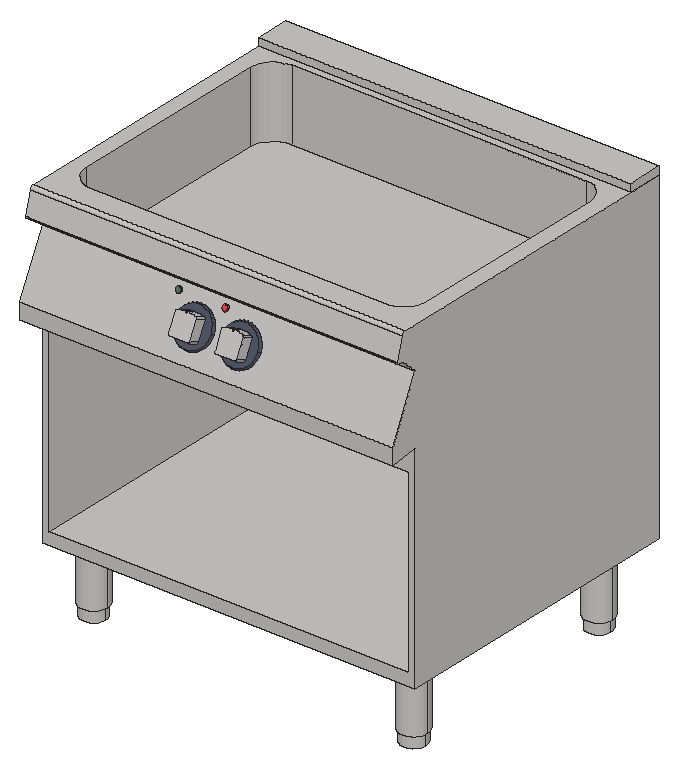
Revit family "QF_ZANUSSI_372110_Z7MFEHDI00", category Specialty Equipment, Revit 2018
Family settings
  Round Connector Dimension = Use Diameter
  Part Type = Normal
  Work Plane-Based = No
  Always vertical = Yes
  Cut with Voids When Loaded = No
  Shared = No
  Room Calculation Point = No
Parameters
  Width = 800 mm  # constant formula
  Weight in Pounds = 165  # constant formula
  Weight = 0.00 kg
  Watts = 10000 W  # constant formula
  Waste Water Discharge Temperature [instance] = -459.67 °F
  Volts = 400 V  # constant formula
  URL Manufacturer = "http://www.zanussiprofessional.com"
  URL Cutsheet = "www.electrolux.com/foodservice"
  URL = "http://www.zanussiprofessional.com"
  Type Mark [instance] = ""
  Steam Supply Size = 0"
  Steam Supply Minimum Pressure = 0.00 psi
  Steam Supply Maximum Pressure = 0.00 psi
  Steam Pounds per Hour = 0
  Status [instance] = ""
  Specification by User [instance] = ""
  Specification by Manufacturer = ""
  Show Logo [instance] = yes
  Show Clearance [instance] = yes
  Serial Number = ""
  Seismic Rating = ""
  SMACNA No = ""
  Revision Code [instance] = ""
  Refrigeration Suction Line Size = 0"
  Refrigeration Liquid Line Size = 0"
  Refrigerant Compressor Remote = yes
  Plumbing Remarks [instance] = ""
  Plumbing Connection Type [instance] = ""
  Phase = 3  # constant formula
  Omniclass Number and Title = ""
  Number of Poles [instance] = 1
  NAFEM Spec ID Number = ""
  Model = "Z7MFEHDI00"
  Min Ckt Ampacity = 0 A
  Max Overcurrent Protection = 0 A
  Masterspec = ""
  Manufacturer = "Zanussi"
  Length Actual = 800 mm  # constant formula
  Item Number [instance] = "372110"
  Installed By [instance] = ""
  Indirect Waste Size = 0"
  Indirect Waste Flow [instance] = 0 GPM
  Indirect Waste Connection Type [instance] = ""
  Indirect Waste Connection Height = 0 mm
  Identify Quantity as Lot [instance] = yes
  Hot Water Size = 0"
  Height Actual = 850 mm  # constant formula
  Height = 333 mm  # constant formula
  HP = "13.4 HP"
  Gas Size = 0"
  Gas KW = 0
  Gas Input Pressure = 0.0 Btu/h
  Furnished By [instance] = ""
  Foodservice Equipment Identifier [instance] = yes
  FL Amps = if(Phase = 3, Watts / (Volts * 1.73), Watts / Volts)  # 14.4509 A
  Electrical Remarks [instance] = "400 V/3N ph/50/60 Hz"  # constant formula
  Electric Connection Type [instance] = ""
  Elec Conn RI Height [instance] = 0 mm
  Elec Conn Connection Height [instance] = 0 mm
  Direct Waste Size = 0"
  Description = "22LT EL. MULTIFUNC.COOKER-COMPOUND 800MM"
  Depth Actual = 700 mm  # constant formula
  Depth = 715 mm  # constant formula
  Cycle = if([60 Hertz Option], 60 Hz, 50 Hz)  # 60 Hz
  Conn Plug = ""
  Conn Conduit = yes
  Condensate Return Size = 0"
  Compressed Air Volume = 0 GPM
  Compressed Air Size = 0"
  Compressed Air Pressure = 0.00 psi
  Cold Water Size = 0"
  CSI MasterFormat = ""
  CSI Master Format = ""
  Base Height [instance] = 150 mm  # constant formula
  Apparent Power = if(Phase = 3, Volts * FL Amps * 1.73, Volts * FL Amps)  # 10000 VA
  Accessory = yes
  60 Hertz Option = not([50 Hertz Option])  # yes
  50 Hertz Option = no
Reference planes
  plane 1 "BACK": y = 0
  plane 2: z = 0
  plane 3 "LEFT": x = 0
  plane 4 "RIGHT": x = 800
  plane 5 "FRONT": y = -715
  plane 6 "TOP": z = 908
  plane 7 "Center Y": x = 400
  plane 8 "Center X": y = -357.5
  plane 9 "BASE": z = 600
  plane 10 "TOP A": z = 850
  plane 11: y = -597.884
  plane 12: y = -147.637
  plane 13: z = 942
  plane 14: z = 150
Forms (mm)
  Extrusion 1, solid, material "QF_Finishes_Stainless Steel"
    sketch origin (0, 0, 0) x (0, 1, 0) y (0, 0, 1)
      loop
        line (0, 867.755) -> (-75, 867.755) -> (-75, 851.6) -> (0, 851.6) -> (0, 867.755)
      loop
        line (0, 850) -> (-679.358, 850)
        arc (-679.358, 850) -> (-684.643, 847.811) -> (-686.833, 842.526) r 7.474
        line (-686.833, 842.526) -> (-699.884, 797.011)
        arc (-699.884, 797.011) -> (-699.396, 794.379) -> (-697, 793.184) r 3
        line (-697, 793.184) -> (-686.802, 793.184) -> (-654.982, 761.364) -> (-715, 640.508) -> (-715, 605.508) -> (-658.645, 613.428)
        arc (-658.645, 613.428) -> (-656.101, 612.674) -> (-655, 610.259) r 3.2
        line (-655, 610.259) -> (-655, 150) -> (0, 150) -> (0, 850)
    from 0 to 800
  Extrusion 2, void
    sketch origin (0, 0, 850) x (-1, 0, 0) y (0, -1, 0)
      loop
        line (-716.662, 90.124) -> (-83.338, 90.124)
        arc (-83.338, 90.124) -> (-47.982, 104.769) -> (-33.338, 140.124) r 50
        line (-33.338, 140.124) -> (-33.338, 580.25)
        arc (-33.338, 580.25) -> (-47.982, 615.605) -> (-83.338, 630.25) r 50
        line (-83.338, 630.25) -> (-716.662, 630.25)
        arc (-716.662, 630.25) -> (-752.018, 615.605) -> (-766.662, 580.25) r 50
        line (-766.662, 580.25) -> (-766.662, 140.124)
        arc (-766.662, 140.124) -> (-752.018, 104.769) -> (-716.662, 90.124) r 50
    from 0 to -152.4
  Extrusion 3, solid, material "QF_Finishes_Clearance", visible <- "Show Clearance", detail levels coarse
    sketch origin (0, 0, 0) x (1, 0, 0) y (0, 1, 0)
      loop
        line (0, -715) -> (0, 0) -> (800, 0) -> (800, -715) -> (950.019, -715) -> (950.019, 150.019) -> (-150.019, 150.019) -> (-150.019, -715) -> (0, -715)
    from 0 to 908
  Revolve 4, solid, material "QF_Finishes_Stainless Steel"
    sketch origin (0, -587.387, 608.09) x (0, 0, 1) y (-1, 0, 0)
      loop
        line (-608.09, -56) -> (-458.09, -56) -> (-458.09, -26) -> (-583.09, -26) -> (-583.09, -29.75) -> (-608.09, -29.75) -> (-608.09, -56)
      axis (-608.09, -56) -> (-458.09, -56)
    angle from 0 to 360
  Revolve 5, solid, material "QF_Finishes_Stainless Steel"
    sketch origin (0, -90, 608.09) x (0, 0, 1) y (-1, 0, 0)
      loop
        line (-608.09, -56) -> (-458.09, -56) -> (-458.09, -26) -> (-583.09, -26) -> (-583.09, -29.75) -> (-608.09, -29.75) -> (-608.09, -56)
      axis (-608.09, -56) -> (-458.09, -56)
    angle from 0 to 360
  Revolve 6, solid, material "QF_Finishes_Stainless Steel"
    sketch origin (800.1, -587.387, 608.09) x (0, 0, 1) y (-1, 0, 0)
      loop
        line (-608.09, 56.1) -> (-608.09, 29.85) -> (-583.09, 29.85) -> (-583.09, 26.1) -> (-458.09, 26.1) -> (-458.09, 56.1) -> (-608.09, 56.1)
      axis (-608.09, 56.1) -> (-458.09, 56.1)
    angle from 0 to 360
  Revolve 7, solid, material "QF_Finishes_Stainless Steel"
    sketch origin (800.1, -90, 608.09) x (0, 0, 1) y (-1, 0, 0)
      loop
        line (-608.09, 56.1) -> (-608.09, 29.85) -> (-583.09, 29.85) -> (-583.09, 26.1) -> (-458.09, 26.1) -> (-458.09, 56.1) -> (-608.09, 56.1)
      axis (-608.09, 56.1) -> (-458.09, 56.1)
    angle from 0 to 360
  Extrusion 8, solid, material "QF_Finishes_Stainless Steel"
    sketch origin (-77.88, -4572, 600) x (-1, 0, 0) y (0, -1, 0)
      loop
        circle (-368.88, -4015) r 12.7
      loop
        circle (-824.88, -4063) r 12.7
    from 0 to -12.7
  Extrusion 9, void
    sketch origin (0, -660.4, 150) x (0, 0, -1) y (-1, 0, 0)
      loop
        line (-25.4, -12.7) -> (-411.9, -12.7) -> (-411.9, -787.3) -> (-25.4, -787.3) -> (-25.4, -12.7)
    from 0 to 570.276
  Blend 10, solid, material "QF_Finishes_Navy Blue"
    base sketch origin (350, -684.991, 700.936) x (1, 0, 0) y (0, 0.444781, 0.895639)
      loop
        circle (0, 0) r 42.5
    top sketch origin (350, -684.991, 700.936) x (1, 0, 0) y (0, 0.444781, 0.895639)
      loop
        circle (0, 0) r 40.5
    from 0 to 5
  Extrusion 11, solid, material "QF_Finishes_Stainless Steel"
    sketch origin (350, -684.991, 700.936) x (1, 0, 0) y (0, 0.444781, 0.895639)
      loop
        arc (-21.147, 22.789) -> (-22.494, 21.685) -> (-23, 20.019) r 2.997
        line (-23, 20.019) -> (-23, -20.019)
        arc (-23, -20.019) -> (-22.122, -22.138) -> (-20.003, -23.016) r 2.997
        line (-20.003, -23.016) -> (20.003, -23.016)
        arc (20.003, -23.016) -> (22.122, -22.138) -> (23, -20.019) r 2.997
        line (23, -20.019) -> (23, 20.019)
        arc (23, 20.019) -> (22.494, 21.685) -> (21.147, 22.789) r 2.997
        arc (21.147, 22.789) -> (0, 26.984) -> (-21.147, 22.789) r 55.4
    from 10 to 34
  Extrusion 12, solid, material "QF_Plastic-Black-Matte"
    sketch origin (407.5, -684.991, 700.936) x (0, 0.444781, 0.895639) y (0, -0.895639, 0.444781)
      loop
        line (26.984, 34) -> (26.984, 19) -> (27.984, 19) -> (27.984, 34)
        arc (27.984, 34) -> (27.691, 34.707) -> (26.984, 35) r 1
        line (26.984, 35) -> (23.984, 35) -> (23.984, 34) -> (26.984, 34)
    from -58.5 to -56.5
  Extrusion 13, solid, material "QF_Finishes_Stainless Steel"
    sketch origin (350, -684.991, 700.936) x (1, 0, 0) y (0, 0.444781, 0.895639)
      loop
        line (17.5, 17.5) -> (-17.5, 17.5) -> (-17.5, -17.5) -> (17.5, -17.5) -> (17.5, 17.5)
    from 5 to 10
  Blend 14, solid, material "QF_Finishes_Navy Blue"
    base sketch origin (450, -684.991, 700.936) x (1, 0, 0) y (0, 0.444781, 0.895639)
      loop
        circle (0, 0) r 42.5
    top sketch origin (450, -684.991, 700.936) x (1, 0, 0) y (0, 0.444781, 0.895639)
      loop
        circle (0, 0) r 40.5
    from 0 to 5
  Extrusion 15, solid, material "QF_Finishes_Stainless Steel"
    sketch origin (450, -684.991, 700.936) x (1, 0, 0) y (0, 0.444781, 0.895639)
      loop
        arc (-21.147, 22.789) -> (-22.494, 21.685) -> (-23, 20.019) r 2.997
        line (-23, 20.019) -> (-23, -20.019)
        arc (-23, -20.019) -> (-22.122, -22.138) -> (-20.003, -23.016) r 2.997
        line (-20.003, -23.016) -> (20.003, -23.016)
        arc (20.003, -23.016) -> (22.122, -22.138) -> (23, -20.019) r 2.997
        line (23, -20.019) -> (23, 20.019)
        arc (23, 20.019) -> (22.494, 21.685) -> (21.147, 22.789) r 2.997
        arc (21.147, 22.789) -> (0, 26.984) -> (-21.147, 22.789) r 55.4
    from 10 to 34
  Extrusion 16, solid, material "QF_Finishes_Stainless Steel"
    sketch origin (450, -684.991, 700.936) x (1, 0, 0) y (0, 0.444781, 0.895639)
      loop
        line (17.5, 17.5) -> (-17.5, 17.5) -> (-17.5, -17.5) -> (17.5, -17.5) -> (17.5, 17.5)
    from 5 to 10
  Extrusion 17, solid, material "QF_Plastic-Black-Matte"
    sketch origin (392.5, -684.991, 700.936) x (0, 0.444781, 0.895639) y (0, 0.895639, -0.444781)
      loop
        line (26.984, -34) -> (23.984, -34) -> (23.984, -35) -> (26.984, -35)
        arc (26.984, -35) -> (27.691, -34.707) -> (27.984, -34) r 1
        line (27.984, -34) -> (27.984, -19) -> (26.984, -19) -> (26.984, -34)
    from -58.5 to -56.5
  Extrusion 18, solid, material "QF_Finishes_DarkGreen"
    sketch origin (355, -662.752, 745.718) x (1, 0, 0) y (0, 0.444781, 0.895639)
      loop
        circle (-55.001, 0) r 6
    from 0 to 1.6
  Extrusion 19, solid, material "QF_Finishes_Red"
    sketch origin (455, -662.752, 745.718) x (1, 0, 0) y (0, 0.444781, 0.895639)
      loop
        circle (-55.001, 0) r 6
    from 0 to 1.6
Cuts and joins
  Extrusion 2, Extrusion 9 cuts Extrusion 1
  Extrusion 9 cuts Extrusion 3
Lines and regions (mm)
  Split face 1
    outline origin (350, -689.469, 703.16) x (1, 0, 0) y (0, 0.444781, 0.895639)
      loop
        circle (-34, 0) r 1.5
  Split face 2
    outline origin (350, -689.469, 703.16) x (1, 0, 0) y (0, 0.444781, 0.895639)
      loop
        circle (-30.633, -14.752) r 1.5
  Split face 3
    outline origin (350, -689.469, 703.16) x (1, 0, 0) y (0, 0.444781, 0.895639)
      loop
        circle (-21.199, -26.582) r 1.5
  Split face 4
    outline origin (350, -689.469, 703.16) x (1, 0, 0) y (0, 0.444781, 0.895639)
      loop
        circle (-7.566, -33.148) r 1.5
  Split face 5
    outline origin (350, -689.469, 703.16) x (1, 0, 0) y (0, 0.444781, 0.895639)
      loop
        circle (7.566, -33.148) r 1.5
  Split face 6
    outline origin (350, -689.469, 703.16) x (1, 0, 0) y (0, 0.444781, 0.895639)
      loop
        circle (21.199, -26.582) r 1.5
  Split face 7
    outline origin (350, -689.469, 703.16) x (1, 0, 0) y (0, 0.444781, 0.895639)
      loop
        circle (30.633, -14.752) r 1.5
  Split face 8
    outline origin (350, -689.469, 703.16) x (1, 0, 0) y (0, 0.444781, 0.895639)
      loop
        circle (34, 0) r 1.5
  Split face 9
    outline origin (350, -689.469, 703.16) x (1, 0, 0) y (0, 0.444781, 0.895639)
      loop
        circle (-21.199, 26.582) r 1.5
  Split face 10
    outline origin (450, -689.469, 703.16) x (1, 0, 0) y (0, 0.444781, 0.895639)
      loop
        circle (-34, 0) r 1.5
  Split face 11
    outline origin (450, -689.469, 703.16) x (1, 0, 0) y (0, 0.444781, 0.895639)
      loop
        circle (-30.633, -14.752) r 1.5
  Split face 12
    outline origin (450, -689.469, 703.16) x (1, 0, 0) y (0, 0.444781, 0.895639)
      loop
        circle (-21.199, -26.582) r 1.5
  Split face 13
    outline origin (450, -689.469, 703.16) x (1, 0, 0) y (0, 0.444781, 0.895639)
      loop
        circle (-7.566, -33.148) r 1.5
  Split face 14
    outline origin (450, -689.469, 703.16) x (1, 0, 0) y (0, 0.444781, 0.895639)
      loop
        circle (7.566, -33.148) r 1.5
  Split face 15
    outline origin (450, -689.469, 703.16) x (1, 0, 0) y (0, 0.444781, 0.895639)
      loop
        circle (21.199, -26.582) r 1.5
  Split face 16
    outline origin (450, -689.469, 703.16) x (1, 0, 0) y (0, 0.444781, 0.895639)
      loop
        circle (30.633, -14.752) r 1.5
  Split face 17
    outline origin (450, -689.469, 703.16) x (1, 0, 0) y (0, 0.444781, 0.895639)
      loop
        circle (34, 0) r 1.5
  Split face 18
    outline origin (450, -689.469, 703.16) x (1, 0, 0) y (0, 0.444781, 0.895639)
      loop
        circle (-21.199, 26.582) r 1.5
  Split face 19
    outline origin (450.297, -689.469, 703.16) x (1, 0, 0) y (0, 0.444781, 0.895639)
      loop
        line (-8.901, 38.561) -> (-8.901, 28.561) -> (-2.901, 28.561) -> (-2.901, 38.561) -> (-8.901, 38.561)
  Split face 20
    outline origin (450.297, -689.469, 703.16) x (1, 0, 0) y (0, 0.444781, 0.895639)
      loop
        line (-8.401, 38.061) -> (-8.401, 29.061) -> (-3.401, 29.061) -> (-3.401, 38.061) -> (-8.401, 38.061)
  Split face 21
    outline origin (450.297, -689.469, 703.16) x (1, 0, 0) y (0, 0.444781, 0.895639)
      loop
        line (-8.401, 34.061) -> (-3.401, 34.061)
  Split face 22
    outline origin (450.297, -689.469, 703.16) x (1, 0, 0) y (0, 0.444781, 0.895639)
      loop
        line (-8.401, 33.561) -> (-3.401, 33.561)
  Split face 23
    outline origin (450.297, -689.469, 703.16) x (1, 0, 0) y (0, 0.444781, 0.895639)
      loop
        circle (-5.901, 31.311) r 2.029
  Split face 24
    outline origin (471.665, -686.175, 709.794) x (1, 0, 0) y (0, 0.444781, 0.895639)
      loop
        circle (-21.665, 26.582) r 1.5
  Split face 25
    outline origin (371.665, -686.175, 709.794) x (1, 0, 0) y (0, 0.444781, 0.895639)
      loop
        circle (-21.665, 26.582) r 1.5
  symbolic lines, style "QF-Clearances", visible <- "Show Clearance", detail levels coarse
    curve 1: line (-150.019, 150.019, 850) -> (-150.019, -716.377, 850)
    curve 2: line (950.019, 150.019, 850) -> (-150.019, 150.019, 850)
    curve 3: line (950.019, -716.377, 850) -> (950.019, 150.019, 850)
  symbolic lines
    curve 4: line (0, 0, 850) -> (800, 0, 850)
    curve 5: line (0, -715, 850) -> (0, 0, 850)
    curve 6: line (800, 0, 850) -> (800, -715, 850)
    curve 7: line (22.699, -6.761, 850) -> (22.699, -63.911, 850)
    curve 8: line (13.403, -63.911, 850) -> (13.403, -6.761, 850)
    curve 9: line (13.403, -6.761, 850) -> (22.699, -6.761, 850)
    curve 10: line (0, -69.85, 850) -> (398.412, -69.85, 850)
    curve 11: line (384.649, -6.761, 850) -> (384.649, -63.911, 850)
    curve 12: line (375.353, -63.911, 850) -> (375.353, -6.761, 850)
    curve 13: line (375.353, -6.761, 850) -> (384.649, -6.761, 850)
    curve 14: line (50.541, -6.761, 850) -> (50.541, -63.911, 850)
    curve 15: line (41.245, -63.911, 850) -> (41.245, -6.761, 850)
    curve 16: line (41.245, -6.761, 850) -> (50.541, -6.761, 850)
    curve 17: line (78.383, -6.761, 850) -> (78.383, -63.911, 850)
    curve 18: line (69.087, -63.911, 850) -> (69.087, -6.761, 850)
    curve 19: line (69.087, -6.761, 850) -> (78.383, -6.761, 850)
    curve 20: line (106.225, -6.761, 850) -> (106.225, -63.911, 850)
    curve 21: line (96.93, -63.911, 850) -> (96.93, -6.761, 850)
    curve 22: line (96.93, -6.761, 850) -> (106.225, -6.761, 850)
    curve 23: line (134.068, -6.761, 850) -> (134.068, -63.911, 850)
    curve 24: line (124.772, -63.911, 850) -> (124.772, -6.761, 850)
    curve 25: line (124.772, -6.761, 850) -> (134.068, -6.761, 850)
    curve 26: line (161.91, -6.761, 850) -> (161.91, -63.911, 850)
    curve 27: line (152.614, -63.911, 850) -> (152.614, -6.761, 850)
    curve 28: line (152.614, -6.761, 850) -> (161.91, -6.761, 850)
    curve 29: line (189.752, -6.761, 850) -> (189.752, -63.911, 850)
    curve 30: line (180.457, -63.911, 850) -> (180.457, -6.761, 850)
    curve 31: line (180.457, -6.761, 850) -> (189.752, -6.761, 850)
    curve 32: line (217.595, -6.761, 850) -> (217.595, -63.911, 850)
    curve 33: line (208.299, -63.911, 850) -> (208.299, -6.761, 850)
    curve 34: line (208.299, -6.761, 850) -> (217.595, -6.761, 850)
    curve 35: line (245.437, -6.761, 850) -> (245.437, -63.911, 850)
    curve 36: line (236.141, -63.911, 850) -> (236.141, -6.761, 850)
    curve 37: line (236.141, -6.761, 850) -> (245.437, -6.761, 850)
    curve 38: line (273.279, -6.761, 850) -> (273.279, -63.911, 850)
    curve 39: line (263.984, -63.911, 850) -> (263.984, -6.761, 850)
    curve 40: line (263.984, -6.761, 850) -> (273.279, -6.761, 850)
    curve 41: line (301.122, -6.761, 850) -> (301.122, -63.911, 850)
    curve 42: line (291.826, -63.911, 850) -> (291.826, -6.761, 850)
    curve 43: line (291.826, -6.761, 850) -> (301.122, -6.761, 850)
    curve 44: line (328.964, -6.761, 850) -> (328.964, -63.911, 850)
    curve 45: line (319.668, -63.911, 850) -> (319.668, -6.761, 850)
    curve 46: line (319.668, -6.761, 850) -> (328.964, -6.761, 850)
    curve 47: line (356.806, -6.761, 850) -> (356.806, -63.911, 850)
    curve 48: line (347.511, -63.911, 850) -> (347.511, -6.761, 850)
    curve 49: line (347.511, -6.761, 850) -> (356.806, -6.761, 850)
    curve 50: line (777.251, -6.761, 850) -> (777.251, -63.911, 850)
    curve 51: line (786.547, -63.911, 850) -> (786.547, -6.761, 850)
    curve 52: line (786.547, -6.761, 850) -> (777.251, -6.761, 850)
    curve 53: line (415.301, -6.761, 850) -> (415.301, -63.911, 850)
    curve 54: line (424.597, -63.911, 850) -> (424.597, -6.761, 850)
    curve 55: line (424.597, -6.761, 850) -> (415.301, -6.761, 850)
    curve 56: line (749.409, -6.761, 850) -> (749.409, -63.911, 850)
    curve 57: line (758.705, -63.911, 850) -> (758.705, -6.761, 850)
    curve 58: line (758.705, -6.761, 850) -> (749.409, -6.761, 850)
    curve 59: line (721.567, -6.761, 850) -> (721.567, -63.911, 850)
    curve 60: line (730.863, -63.911, 850) -> (730.863, -6.761, 850)
    curve 61: line (730.863, -6.761, 850) -> (721.567, -6.761, 850)
    curve 62: line (693.725, -6.761, 850) -> (693.725, -63.911, 850)
    curve 63: line (703.02, -63.911, 850) -> (703.02, -6.761, 850)
    curve 64: line (703.02, -6.761, 850) -> (693.725, -6.761, 850)
    curve 65: line (665.882, -6.761, 850) -> (665.882, -63.911, 850)
    curve 66: line (675.178, -63.911, 850) -> (675.178, -6.761, 850)
    curve 67: line (675.178, -6.761, 850) -> (665.882, -6.761, 850)
    curve 68: line (638.04, -6.761, 850) -> (638.04, -63.911, 850)
    curve 69: line (647.336, -63.911, 850) -> (647.336, -6.761, 850)
    curve 70: line (647.336, -6.761, 850) -> (638.04, -6.761, 850)
    curve 71: line (610.198, -6.761, 850) -> (610.198, -63.911, 850)
    curve 72: line (619.493, -63.911, 850) -> (619.493, -6.761, 850)
    curve 73: line (619.493, -6.761, 850) -> (610.198, -6.761, 850)
    curve 74: line (582.355, -6.761, 850) -> (582.355, -63.911, 850)
    curve 75: line (591.651, -63.911, 850) -> (591.651, -6.761, 850)
    curve 76: line (591.651, -6.761, 850) -> (582.355, -6.761, 850)
    curve 77: line (554.513, -6.761, 850) -> (554.513, -63.911, 850)
    curve 78: line (563.809, -63.911, 850) -> (563.809, -6.761, 850)
    curve 79: line (563.809, -6.761, 850) -> (554.513, -6.761, 850)
    curve 80: line (526.671, -6.761, 850) -> (526.671, -63.911, 850)
    curve 81: line (535.966, -63.911, 850) -> (535.966, -6.761, 850)
    curve 82: line (535.966, -6.761, 850) -> (526.671, -6.761, 850)
    curve 83: line (498.828, -6.761, 850) -> (498.828, -63.911, 850)
    curve 84: line (508.124, -63.911, 850) -> (508.124, -6.761, 850)
    curve 85: line (508.124, -6.761, 850) -> (498.828, -6.761, 850)
    curve 86: line (470.986, -6.761, 850) -> (470.986, -63.911, 850)
    curve 87: line (480.282, -63.911, 850) -> (480.282, -6.761, 850)
    curve 88: line (480.282, -6.761, 850) -> (470.986, -6.761, 850)
    curve 89: line (443.144, -6.761, 850) -> (443.144, -63.911, 850)
    curve 90: line (452.439, -63.911, 850) -> (452.439, -6.761, 850)
    curve 91: line (452.439, -6.761, 850) -> (443.144, -6.761, 850)
    curve 92: line (401.587, -69.85, 850) -> (401.587, 0, 850)
    curve 93: line (398.412, 0, 850) -> (398.412, -69.85, 850)
    curve 94: line (401.587, -69.85, 850) -> (800, -69.85, 850)
    curve 95: line (13.453, -63.911, 0) -> (22.749, -63.911, 0)
    curve 96: line (375.403, -63.911, 0) -> (384.699, -63.911, 0)
    curve 97: line (41.295, -63.911, 0) -> (50.591, -63.911, 0)
    curve 98: line (69.137, -63.911, 0) -> (78.433, -63.911, 0)
    curve 99: line (96.98, -63.911, 0) -> (106.275, -63.911, 0)
    curve 100: line (124.822, -63.911, 0) -> (134.118, -63.911, 0)
    curve 101: line (152.664, -63.911, 0) -> (161.96, -63.911, 0)
    curve 102: line (180.507, -63.911, 0) -> (189.802, -63.911, 0)
    curve 103: line (208.349, -63.911, 0) -> (217.645, -63.911, 0)
    curve 104: line (236.191, -63.911, 0) -> (245.487, -63.911, 0)
    curve 105: line (264.034, -63.911, 0) -> (273.329, -63.911, 0)
    curve 106: line (291.876, -63.911, 0) -> (301.172, -63.911, 0)
    curve 107: line (319.718, -63.911, 0) -> (329.014, -63.911, 0)
    curve 108: line (347.561, -63.911, 0) -> (356.856, -63.911, 0)
    curve 109: line (786.597, -63.911, 0) -> (777.301, -63.911, 0)
    curve 110: line (424.647, -63.911, 0) -> (415.351, -63.911, 0)
    curve 111: line (758.755, -63.911, 0) -> (749.459, -63.911, 0)
    curve 112: line (730.913, -63.911, 0) -> (721.617, -63.911, 0)
    curve 113: line (703.07, -63.911, 0) -> (693.775, -63.911, 0)
    curve 114: line (675.228, -63.911, 0) -> (665.932, -63.911, 0)
    curve 115: line (647.386, -63.911, 0) -> (638.09, -63.911, 0)
    curve 116: line (619.543, -63.911, 0) -> (610.248, -63.911, 0)
    curve 117: line (591.701, -63.911, 0) -> (582.405, -63.911, 0)
    curve 118: line (563.859, -63.911, 0) -> (554.563, -63.911, 0)
    curve 119: line (536.016, -63.911, 0) -> (526.721, -63.911, 0)
    curve 120: line (508.174, -63.911, 0) -> (498.878, -63.911, 0)
    curve 121: line (480.332, -63.911, 0) -> (471.036, -63.911, 0)
    curve 122: line (452.489, -63.911, 0) -> (443.194, -63.911, 0)
    curve 123: line (716.662, -90.124, 850) -> (83.288, -90.124, 850)
    curve 124: arc (83.288, -90.124, 850) -> (47.932, -104.769, 850) -> (33.288, -140.124, 850) r 50
    curve 125: line (33.288, -140.124, 850) -> (33.288, -580.25, 850)
    curve 126: arc (33.288, -580.25, 850) -> (47.932, -615.605, 850) -> (83.288, -630.25, 850) r 50
    curve 127: line (83.288, -630.25, 850) -> (716.662, -630.25, 850)
    curve 128: arc (716.662, -90.124, 850) -> (752.018, -104.769, 850) -> (766.662, -140.124, 850) r 50
    curve 129: line (766.662, -140.124, 850) -> (766.662, -580.25, 850)
    curve 130: arc (766.662, -580.25, 850) -> (752.018, -615.605, 850) -> (716.662, -630.25, 850) r 50
    curve 131: line (0, -700, 0) -> (800, -700, 0)
    curve 132: line (327, -700, 0) -> (327, -724.347, 0)
    curve 133: arc (327, -724.347, 0) -> (327.146, -724.811, 0) -> (327.532, -725.107, 0) r 0.809
    curve 134: arc (327.532, -725.107, 0) -> (328.72, -725.587, 0) -> (329.997, -725.68, 0) r 4.127
    curve 135: arc (327, -704.292, 0) -> (321.959, -702.458, 0) -> (317.191, -700, 0) r 42.24
    curve 136: arc (327, -706.539, 0) -> (327.502, -705.818, 0) -> (328.299, -705.448, 0) r 1.682
    curve 137: arc (328.299, -705.448, 0) -> (338.602, -703.95, 0) -> (349, -703.441, 0) r 109.079
    curve 138: line (349, -700, 0) -> (349, -705.671, 0)
    curve 139: line (349, -705.671, 0) -> (351, -705.671, 0)
    curve 140: line (351, -705.671, 0) -> (351, -700, 0)
    curve 141: line (373, -700, 0) -> (373, -724.347, 0)
    curve 142: arc (373, -724.347, 0) -> (372.854, -724.811, 0) -> (372.468, -725.107, 0) r 0.809
    curve 143: arc (372.468, -725.107, 0) -> (371.28, -725.587, 0) -> (370.003, -725.68, 0) r 4.127
    curve 144: arc (373, -704.292, 0) -> (378.041, -702.458, 0) -> (382.809, -700, 0) r 42.24
    curve 145: arc (373, -706.539, 0) -> (372.498, -705.818, 0) -> (371.701, -705.448, 0) r 1.682
    curve 146: arc (371.701, -705.448, 0) -> (361.398, -703.95, 0) -> (351, -703.441, 0) r 109.079
    curve 147: line (329.997, -725.68, 0) -> (370.003, -725.68, 0)
    curve 148: line (473, -700, 0) -> (473, -724.347, 0)
    curve 149: arc (473, -724.347, 0) -> (472.854, -724.811, 0) -> (472.468, -725.107, 0) r 0.809
    curve 150: arc (472.468, -725.107, 0) -> (471.28, -725.587, 0) -> (470.003, -725.68, 0) r 4.127
    curve 151: arc (473, -704.292, 0) -> (478.041, -702.458, 0) -> (482.809, -700, 0) r 42.24
    curve 152: arc (473, -706.539, 0) -> (472.498, -705.818, 0) -> (471.701, -705.448, 0) r 1.682
    curve 153: arc (471.701, -705.448, 0) -> (461.398, -703.95, 0) -> (451, -703.441, 0) r 109.079
    curve 154: line (451, -700, 0) -> (451, -705.671, 0)
    curve 155: line (451, -705.671, 0) -> (449, -705.671, 0)
    curve 156: line (449, -705.671, 0) -> (449, -700, 0)
    curve 157: line (427, -700, 0) -> (427, -724.347, 0)
    curve 158: arc (427, -724.347, 0) -> (427.146, -724.811, 0) -> (427.532, -725.107, 0) r 0.809
    curve 159: arc (427.532, -725.107, 0) -> (428.72, -725.587, 0) -> (429.997, -725.68, 0) r 4.127
    curve 160: arc (427, -704.292, 0) -> (421.959, -702.458, 0) -> (417.191, -700, 0) r 42.24
    curve 161: arc (427, -706.539, 0) -> (427.502, -705.818, 0) -> (428.299, -705.448, 0) r 1.682
    curve 162: arc (428.299, -705.448, 0) -> (438.602, -703.95, 0) -> (449, -703.441, 0) r 109.079
    curve 163: line (470.003, -725.68, 0) -> (429.997, -725.68, 0)
    curve 164: line (373, -715, 0) -> (427, -715, 0)
    curve 165: line (473, -715, 0) -> (800, -715, 0)
    curve 166: line (0, -715, 0) -> (327, -715, 0)
Dimensions and locks
  equal spacing: plane 3 "LEFT", plane 7 "Center Y", plane 4 "RIGHT"
  "Width": plane 3 "LEFT" to plane 4 "RIGHT"
  equal spacing: plane 5 "FRONT", plane 8 "Center X", plane 1 "BACK"
  "Depth": plane 5 "FRONT" to plane 1 "BACK"
  plane 1 "BACK" to plane 5 "FRONT" = 715 mm
  plane 10 "TOP A" to plane 9 "BASE" = 250 mm
  plane 6 "TOP" to plane 10 "TOP A" = 58 mm
  plane 13 to plane 6 "TOP" = 34 mm
  "Base Height": plane 14 to level
  locked: plane 10 "TOP A" to plane 14 at 700
  plane 3 "LEFT" to Extrusion 8 sketch curve = 291 mm
  Extrusion 8 sketch curve to plane 1 "BACK" = 557 mm
  Extrusion 8 sketch curve to plane 4 "RIGHT" = 53 mm
  Extrusion 8 sketch curve to plane 1 "BACK" = 509 mm
  aligned and locked: level to plane 2
  aligned and locked: plane 4 "RIGHT" to Extrusion 1
  aligned and locked: plane 6 "TOP" to Extrusion 3
Automatic sketch dimensions
  plane 3 "LEFT" to curve 95 = 13.453 mm
  curve 95 to curve 95 = 9.296 mm
  curve 95 to curve 97 = 18.547 mm
  curve 97 to curve 97 = 9.296 mm
  curve 97 to curve 98 = 18.547 mm
  curve 98 to curve 98 = 9.296 mm
  curve 98 to curve 99 = 18.547 mm
  curve 99 to curve 99 = 9.296 mm
  curve 99 to curve 100 = 18.547 mm
  curve 100 to curve 100 = 9.296 mm
  curve 100 to curve 101 = 18.547 mm
  curve 101 to curve 101 = 9.296 mm
  curve 101 to curve 102 = 18.547 mm
  curve 102 to curve 102 = 9.296 mm
  curve 102 to curve 103 = 18.547 mm
  curve 103 to curve 103 = 9.296 mm
  curve 103 to curve 104 = 18.547 mm
  curve 104 to curve 104 = 9.296 mm
  curve 104 to curve 105 = 18.547 mm
  curve 105 to curve 105 = 9.296 mm
  curve 105 to curve 106 = 18.547 mm
  curve 106 to curve 106 = 9.296 mm
  curve 106 to curve 107 = 18.547 mm
  curve 107 to curve 107 = 9.296 mm
  curve 107 to curve 108 = 18.547 mm
  curve 108 to curve 108 = 9.296 mm
  curve 108 to curve 96 = 18.547 mm
  curve 96 to curve 96 = 9.296 mm
  plane 7 "Center Y" to curve 110 = 15.351 mm
  curve 110 to curve 110 = 9.296 mm
  curve 110 to curve 122 = 18.547 mm
  curve 122 to curve 122 = 9.296 mm
  curve 122 to curve 121 = 18.547 mm
  curve 121 to curve 121 = 9.296 mm
  curve 121 to curve 120 = 18.547 mm
  curve 120 to curve 120 = 9.296 mm
  curve 120 to curve 119 = 18.547 mm
  curve 119 to curve 119 = 9.296 mm
  curve 119 to curve 118 = 18.547 mm
  curve 118 to curve 118 = 9.296 mm
  curve 118 to curve 117 = 18.547 mm
  curve 117 to curve 117 = 9.296 mm
  curve 117 to curve 116 = 18.547 mm
  curve 116 to curve 116 = 9.296 mm
  curve 116 to curve 115 = 18.547 mm
  curve 115 to curve 115 = 9.296 mm
  curve 115 to curve 114 = 18.547 mm
  curve 114 to curve 114 = 9.296 mm
  curve 114 to curve 113 = 18.547 mm
  curve 113 to curve 113 = 9.296 mm
  curve 113 to curve 112 = 18.547 mm
  curve 112 to curve 112 = 9.296 mm
  curve 112 to curve 111 = 18.547 mm
  curve 111 to curve 111 = 9.296 mm
  curve 111 to curve 109 = 18.547 mm
  curve 109 to curve 109 = 9.296 mm
  plane 1 "BACK" to curve 95 = 63.911 mm
  plane 1 "BACK" to curve 96 = 63.911 mm
  curve 95 to curve 97 = 0 mm
  curve 97 to curve 98 = 0 mm
  curve 98 to curve 99 = 0 mm
  curve 99 to curve 100 = 0 mm
  curve 100 to curve 101 = 0 mm
  curve 101 to curve 102 = 0 mm
  curve 102 to curve 103 = 0 mm
  curve 103 to curve 104 = 0 mm
  curve 104 to curve 105 = 0 mm
  curve 105 to curve 106 = 0 mm
  curve 106 to curve 107 = 0 mm
  curve 107 to curve 108 = 0 mm
  plane 1 "BACK" to curve 109 = 63.911 mm
  curve 96 to curve 110 = 0 mm
  curve 111 to curve 109 = 0 mm
  curve 112 to curve 111 = 0 mm
  curve 113 to curve 112 = 0 mm
  curve 114 to curve 113 = 0 mm
  curve 115 to curve 114 = 0 mm
  curve 116 to curve 115 = 0 mm
  curve 117 to curve 116 = 0 mm
  curve 118 to curve 117 = 0 mm
  curve 119 to curve 118 = 0 mm
  curve 120 to curve 119 = 0 mm
  curve 121 to curve 120 = 0 mm
  curve 122 to curve 121 = 0 mm
  Extrusion 2 sketch curve to plane 12 = 7.513 mm  (x2)
  Extrusion 2 sketch curve to plane 4 "RIGHT" = 33.338 mm
  Extrusion 2 sketch curve to plane 11 = 17.634 mm  (x2)
  Extrusion 2 sketch curve to Extrusion 2 sketch curve = 50 mm
  plane 1 "BACK" to Extrusion 3 sketch curve = 0 mm
  Extrusion 3 sketch curve to plane 3 "LEFT" = 0 mm
  Extrusion 3 sketch curve to plane 4 "RIGHT" = 0 mm
  Extrusion 3 sketch curve to plane 3 "LEFT" = 150.019 mm
  plane 5 "FRONT" to Extrusion 3 sketch curve = 0 mm  (x2)
  plane 4 "RIGHT" to Extrusion 3 sketch curve = 150.019 mm
  Extrusion 3 sketch curve to plane 1 "BACK" = 150.019 mm
  Revolve 4 sketch curve to level = 0 mm
  Revolve 4 sketch curve to plane 14 = 0 mm  (x2)
  level to Revolve 4 sketch curve = 25 mm
  Revolve 4 sketch curve to Revolve 4 sketch curve = 20 mm
  plane 3 "LEFT" to Revolve 4 sketch curve = 56 mm
  Revolve 4 sketch curve to Revolve 4 sketch curve = 0 mm
  plane 3 "LEFT" to Revolve 4 sketch curve = 29.75 mm
  plane 3 "LEFT" to Revolve 4 sketch curve = 26 mm
  Revolve 5 sketch curve to level = 0 mm
  Revolve 5 sketch curve to plane 14 = 0 mm  (x2)
  level to Revolve 5 sketch curve = 25 mm
  Revolve 5 sketch curve to Revolve 5 sketch curve = 20 mm
  plane 3 "LEFT" to Revolve 5 sketch curve = 56 mm
  Revolve 5 sketch curve to Revolve 5 sketch curve = 0 mm
  plane 3 "LEFT" to Revolve 5 sketch curve = 29.75 mm
  plane 3 "LEFT" to Revolve 5 sketch curve = 26 mm
  Revolve 6 sketch curve to level = 0 mm
  Revolve 6 sketch curve to plane 14 = 0 mm  (x2)
  level to Revolve 6 sketch curve = 25 mm
  Revolve 6 sketch curve to Revolve 6 sketch curve = 20 mm
  Revolve 6 sketch curve to plane 4 "RIGHT" = 26 mm
  Revolve 6 sketch curve to Revolve 6 sketch curve = 3.75 mm
  Revolve 6 sketch curve to Revolve 6 sketch curve = 30 mm
  Revolve 6 sketch curve to Revolve 6 sketch curve = 0 mm
  Revolve 7 sketch curve to level = 0 mm
  Revolve 7 sketch curve to plane 14 = 0 mm  (x2)
  level to Revolve 7 sketch curve = 25 mm
  Revolve 7 sketch curve to Revolve 7 sketch curve = 20 mm
  Revolve 7 sketch curve to plane 4 "RIGHT" = 26 mm
  Revolve 7 sketch curve to Revolve 7 sketch curve = 3.75 mm
  Revolve 7 sketch curve to Revolve 7 sketch curve = 30 mm
  Revolve 7 sketch curve to Revolve 7 sketch curve = 0 mm
  Extrusion 2 sketch curve to plane 12 = 57.513 mm
  plane 3 "LEFT" to Extrusion 2 sketch curve = 33.338 mm
  Extrusion 1 sketch curve to plane 10 "TOP A" = 0 mm
  Extrusion 1 sketch curve to plane 14 = 0 mm
  Extrusion 1 sketch curve to plane 1 "BACK" = 0 mm
  plane 10 "TOP A" to Extrusion 1 sketch curve = 1.6 mm
  Extrusion 1 sketch curve to plane 12 = 72.638 mm
  plane 8 "Center X" to Extrusion 1 sketch curve = 357.5 mm
  Extrusion 1 sketch curve to plane 10 "TOP A" = 88.636 mm
  Extrusion 1 sketch curve to plane 5 "FRONT" = 60.018 mm
  Extrusion 1 sketch curve to plane 5 "FRONT" = 60 mm
  Extrusion 1 sketch curve to Extrusion 1 sketch curve = 3.2 mm
  plane 9 "BASE" to Extrusion 1 sketch curve = 13.428 mm
  Extrusion 1 sketch curve to Extrusion 1 sketch curve = 0.445 mm
  Extrusion 1 sketch curve to Extrusion 1 sketch curve = 24.376 mm
  Extrusion 1 sketch curve to Extrusion 1 sketch curve = 31.82 mm
  Extrusion 1 sketch curve to plane 10 "TOP A" = 7.474 mm
  Extrusion 1 sketch curve to Extrusion 1 sketch curve = 10.198 mm
  Extrusion 1 sketch curve to plane 10 "TOP A" = 52.989 mm
  Extrusion 1 sketch curve to Extrusion 1 sketch curve = 2.884 mm
  plane 9 "BASE" to Extrusion 1 sketch curve = 40.508 mm
  plane 9 "BASE" to Extrusion 1 sketch curve = 5.508 mm
  Extrusion 1 sketch curve to Extrusion 1 sketch curve = 3.827 mm
  Extrusion 1 sketch curve to Extrusion 1 sketch curve = 16.155 mm
  Extrusion 1 sketch curve to Extrusion 1 sketch curve = 56.355 mm
  plane 3 "LEFT" to Extrusion 9 sketch curve = 12.7 mm
  Extrusion 9 sketch curve to plane 9 "BASE" = 38.1 mm
  plane 14 to Extrusion 9 sketch curve = 25.4 mm
  Extrusion 9 sketch curve to plane 4 "RIGHT" = 12.7 mm
  Split face 19 sketch curve to Split face 19 sketch curve = 6 mm
  Split face 19 sketch curve to Split face 19 sketch curve = 10 mm
  Split face 20 sketch curve to Split face 20 sketch curve = 5 mm
  Split face 20 sketch curve to Split face 20 sketch curve = 9 mm
  Split face 21 sketch curve to Split face 21 sketch curve = 5 mm
  Split face 22 sketch curve to Split face 22 sketch curve = 5 mm
  plane 3 "LEFT" to Blend 10 sketch curve = 350 mm  (x2)
  plane 3 "LEFT" to Extrusion 11 sketch curve = 327 mm
  Extrusion 11 sketch curve to Extrusion 11 sketch curve = 2.997 mm  (x3)
  Extrusion 11 sketch curve to Extrusion 11 sketch curve = 20.003 mm  (x2)
  Extrusion 11 sketch curve to Extrusion 11 sketch curve = 40.005 mm
  Extrusion 11 sketch curve to Extrusion 11 sketch curve = 5.399 mm
  Extrusion 11 sketch curve to Extrusion 11 sketch curve = 40.037 mm
  Extrusion 11 sketch curve to Extrusion 11 sketch curve = 0 mm  (x2)
  Extrusion 12 sketch curve to plane 5 "FRONT" = 9.329 mm
  plane 9 "BASE" to Extrusion 12 sketch curve = 137.984 mm
  Extrusion 12 sketch curve to Extrusion 12 sketch curve = 3 mm
  Extrusion 12 sketch curve to Extrusion 12 sketch curve = 0 mm  (x2)
  Extrusion 12 sketch curve to Extrusion 12 sketch curve = 1 mm
  Extrusion 12 sketch curve to Extrusion 12 sketch curve = 15 mm
  plane 3 "LEFT" to Extrusion 13 sketch curve = 332.5 mm
  Extrusion 13 sketch curve to Extrusion 13 sketch curve = 35 mm  (x2)
  plane 7 "Center Y" to Blend 14 sketch curve = 50 mm  (x2)
  plane 7 "Center Y" to Extrusion 15 sketch curve = 27 mm
  Extrusion 15 sketch curve to Extrusion 15 sketch curve = 2.997 mm  (x3)
  Extrusion 15 sketch curve to Extrusion 15 sketch curve = 20.003 mm  (x2)
  Extrusion 15 sketch curve to Extrusion 15 sketch curve = 40.005 mm
  Extrusion 15 sketch curve to Extrusion 15 sketch curve = 5.399 mm
  Extrusion 15 sketch curve to Extrusion 15 sketch curve = 40.037 mm
  Extrusion 15 sketch curve to Extrusion 15 sketch curve = 0 mm  (x2)
  plane 7 "Center Y" to Extrusion 16 sketch curve = 32.5 mm
  Extrusion 16 sketch curve to Extrusion 16 sketch curve = 35 mm  (x2)
  Extrusion 17 sketch curve to plane 5 "FRONT" = 9.329 mm
  plane 9 "BASE" to Extrusion 17 sketch curve = 137.984 mm
  Extrusion 17 sketch curve to Extrusion 17 sketch curve = 3 mm
  Extrusion 17 sketch curve to Extrusion 17 sketch curve = 0 mm
  Extrusion 17 sketch curve to Extrusion 17 sketch curve = 1 mm  (x2)
  Extrusion 17 sketch curve to Extrusion 17 sketch curve = 15 mm
  plane 3 "LEFT" to Extrusion 18 sketch curve = 299.999 mm
  Extrusion 19 sketch curve to plane 7 "Center Y" = 0.001 mm
  curve 166 to plane 3 "LEFT" = 0 mm
  curve 131 to plane 3 "LEFT" = 0 mm
  curve 165 to plane 4 "RIGHT" = 0 mm
  curve 131 to plane 4 "RIGHT" = 0 mm
  curve 133 to plane 7 "Center Y" = 72.191 mm
  curve 133 to curve 136 = 0.774 mm
  curve 133 to curve 134 = 1.846 mm
  curve 136 to curve 135 = 10.309 mm
  curve 133 to curve 137 = 21.322 mm
  curve 137 to curve 146 = 1.738 mm
  curve 135 to curve 144 = 22.215 mm
  curve 134 to curve 143 = 40.691 mm
  curve 143 to curve 145 = 1.071 mm
  curve 158 to plane 4 "RIGHT" = 372.191 mm
  curve 158 to curve 161 = 0.774 mm
  curve 158 to curve 159 = 1.846 mm
  curve 161 to curve 160 = 10.309 mm
  curve 158 to curve 162 = 21.322 mm
  curve 162 to curve 153 = 1.738 mm
  curve 160 to curve 151 = 22.215 mm
  curve 159 to curve 150 = 40.691 mm
  curve 150 to curve 152 = 1.071 mm
  curve 135 to plane 5 "FRONT" = 51.239 mm
  curve 135 to curve 144 = 0 mm
  curve 160 to curve 151 = 0 mm
  curve 136 to curve 145 = 0 mm
  curve 161 to curve 152 = 0 mm
  curve 143 to curve 145 = 14.462 mm
  curve 159 to curve 161 = 14.462 mm
  curve 149 to curve 150 = 2.779 mm
  curve 142 to curve 143 = 2.779 mm
  curve 133 to curve 134 = 2.779 mm
  curve 158 to curve 159 = 2.779 mm
  curve 137 to curve 133 = 88.173 mm
  curve 153 to curve 149 = 88.173 mm
  curve 137 to curve 146 = 0 mm  (x2)
  curve 162 to curve 153 = 0 mm  (x2)
  curve 135 to curve 136 = 11.392 mm
  curve 133 to curve 133 = 0.809 mm
  curve 133 to curve 133 = 0.277 mm
  curve 137 to curve 136 = 0.284 mm
  curve 133 to curve 147 = 2.465 mm
  curve 136 to curve 138 = 20.701 mm
  curve 138 to curve 139 = 2 mm
  curve 147 to curve 142 = 2.189 mm
  curve 145 to curve 145 = 0.284 mm
  curve 142 to curve 143 = 0.277 mm
  curve 142 to curve 141 = 0.809 mm
  curve 145 to curve 144 = 1.299 mm
  curve 141 to curve 144 = 9.809 mm
  curve 160 to curve 161 = 11.392 mm
  curve 160 to curve 161 = 1.583 mm
  curve 158 to curve 158 = 0.277 mm
  curve 162 to curve 161 = 0.284 mm
  curve 158 to curve 163 = 2.465 mm
  curve 161 to curve 155 = 20.417 mm
  curve 155 to curve 154 = 2 mm
  curve 150 to curve 149 = 2.189 mm
  curve 152 to curve 153 = 0.284 mm
  curve 149 to curve 149 = 0.277 mm
  curve 152 to curve 151 = 1.299 mm
  curve 149 to curve 149 = 0.809 mm
  curve 148 to curve 151 = 9.809 mm
  curve 161 to curve 160 = 7.106 mm
  curve 144 to curve 141 = 4.292 mm
  curve 136 to curve 132 = 7.106 mm
  curve 160 to curve 157 = 4.292 mm
  curve 137 to curve 138 = 3.441 mm
  curve 162 to curve 156 = 3.441 mm
  curve 139 to curve 137 = 2.23 mm
  curve 155 to curve 153 = 2.23 mm
  curve 143 to curve 164 = 6.567 mm
  curve 166 to curve 131 = 15 mm
  curve 165 to curve 131 = 15 mm
  curve 6 to plane 4 "RIGHT" = 0 mm
  plane 1 "BACK" to curve 92 = 0 mm
  curve 4 to plane 3 "LEFT" = 0 mm
  plane 5 "FRONT" to curve 6 = 0 mm
  plane 5 "FRONT" to curve 5 = 0 mm
  plane 4 "RIGHT" to curve 3 = 150.019 mm
  curve 52 to plane 4 "RIGHT" = 13.453 mm
  curve 51 to curve 50 = 9.296 mm
  curve 129 to plane 12 = 7.513 mm
  curve 129 to plane 4 "RIGHT" = 33.338 mm
  plane 1 "BACK" to curve 57 = 6.761 mm
  curve 50 to curve 57 = 18.547 mm
  curve 57 to curve 58 = 9.296 mm
  plane 1 "BACK" to curve 61 = 6.761 mm
  curve 56 to curve 61 = 18.547 mm
  curve 60 to curve 61 = 9.296 mm
  plane 11 to curve 127 = 32.366 mm
  curve 129 to curve 127 = 50 mm
  curve 59 to curve 123 = 4.904 mm
  plane 1 "BACK" to curve 63 = 6.761 mm
  curve 59 to curve 63 = 18.547 mm
  curve 63 to curve 64 = 9.296 mm
  plane 1 "BACK" to curve 67 = 6.761 mm
  curve 62 to curve 67 = 18.547 mm
  curve 66 to curve 65 = 9.296 mm
  plane 1 "BACK" to curve 70 = 6.761 mm
  curve 65 to curve 70 = 18.547 mm
  curve 69 to curve 68 = 9.296 mm
  plane 1 "BACK" to curve 72 = 6.761 mm
  curve 68 to curve 72 = 18.547 mm
  curve 72 to curve 71 = 9.296 mm
  plane 1 "BACK" to curve 75 = 6.761 mm
  curve 71 to curve 75 = 18.547 mm
  curve 75 to curve 76 = 9.296 mm
  plane 1 "BACK" to curve 79 = 6.761 mm
  curve 74 to curve 79 = 18.547 mm
  curve 78 to curve 77 = 9.296 mm
  plane 1 "BACK" to curve 81 = 6.761 mm
  curve 77 to curve 81 = 18.547 mm
  curve 81 to curve 80 = 9.296 mm
  plane 1 "BACK" to curve 85 = 6.761 mm
  curve 80 to curve 85 = 18.547 mm
  curve 84 to curve 83 = 9.296 mm
  plane 1 "BACK" to curve 88 = 6.761 mm
  curve 83 to curve 88 = 18.547 mm
  curve 87 to curve 86 = 9.296 mm
  plane 1 "BACK" to curve 90 = 6.761 mm
  curve 86 to curve 90 = 18.547 mm
  curve 90 to curve 89 = 9.296 mm
  plane 1 "BACK" to curve 55 = 6.761 mm
  curve 89 to curve 55 = 18.547 mm
  curve 54 to curve 55 = 9.296 mm
  plane 7 "Center Y" to curve 94 = 1.587 mm
  curve 10 to plane 7 "Center Y" = 1.588 mm
  plane 1 "BACK" to curve 11 = 6.761 mm
  curve 93 to curve 11 = 13.764 mm
  curve 11 to curve 12 = 9.296 mm
  plane 1 "BACK" to curve 47 = 6.761 mm
  curve 12 to curve 47 = 18.547 mm
  curve 47 to curve 48 = 9.296 mm
  plane 1 "BACK" to curve 44 = 6.761 mm
  curve 48 to curve 44 = 18.547 mm
  curve 44 to curve 45 = 9.296 mm
  plane 1 "BACK" to curve 41 = 6.761 mm
  curve 45 to curve 41 = 18.547 mm
  curve 41 to curve 43 = 9.296 mm
  plane 1 "BACK" to curve 40 = 6.761 mm
  curve 42 to curve 40 = 18.547 mm
  curve 38 to curve 40 = 9.296 mm
  plane 1 "BACK" to curve 35 = 6.761 mm
  curve 39 to curve 35 = 18.547 mm
  curve 35 to curve 36 = 9.296 mm
  plane 1 "BACK" to curve 32 = 6.761 mm
  curve 36 to curve 32 = 18.547 mm
  curve 32 to curve 33 = 9.296 mm
  plane 1 "BACK" to curve 29 = 6.761 mm
  curve 33 to curve 29 = 18.547 mm
  curve 29 to curve 31 = 9.296 mm
  plane 1 "BACK" to curve 28 = 6.761 mm
  curve 30 to curve 28 = 18.547 mm
  curve 26 to curve 28 = 9.296 mm
  plane 1 "BACK" to curve 25 = 6.761 mm
  curve 27 to curve 25 = 18.547 mm
  curve 23 to curve 25 = 9.296 mm
  plane 1 "BACK" to curve 20 = 6.761 mm
  curve 24 to curve 20 = 18.547 mm
  curve 20 to curve 21 = 9.296 mm
  curve 21 to curve 123 = 13.642 mm
  plane 3 "LEFT" to curve 127 = 83.288 mm
  plane 1 "BACK" to curve 17 = 6.761 mm
  curve 21 to curve 17 = 18.547 mm
  curve 17 to curve 18 = 9.296 mm
  plane 1 "BACK" to curve 16 = 6.761 mm
  curve 18 to curve 16 = 18.547 mm
  curve 14 to curve 15 = 9.296 mm
  curve 125 to plane 11 = 17.634 mm
  plane 1 "BACK" to curve 7 = 6.761 mm
  curve 15 to curve 7 = 18.547 mm
  curve 7 to curve 9 = 9.296 mm
  curve 1 to plane 3 "LEFT" = 150.019 mm
  curve 2 to plane 1 "BACK" = 150.019 mm
  plane 1 "BACK" to curve 50 = 6.761 mm
  curve 11 to curve 10 = 63.089 mm
  curve 10 to curve 94 = 0 mm
  curve 60 to curve 123 = 26.213 mm
  curve 62 to curve 123 = 26.213 mm
  curve 62 to curve 63 = 0 mm
  curve 59 to curve 60 = 0 mm
  curve 60 to curve 57 = 0 mm
  curve 56 to curve 57 = 0 mm
  curve 54 to curve 92 = 5.939 mm
  curve 65 to curve 62 = 0 mm
  curve 65 to curve 66 = 0 mm
  curve 53 to curve 54 = 0 mm
  curve 51 to curve 94 = 5.939 mm
  curve 50 to curve 51 = 0 mm
  curve 48 to curve 10 = 5.939 mm
  curve 68 to curve 65 = 0 mm
  curve 68 to curve 69 = 0 mm
  curve 48 to curve 47 = 0 mm
  curve 44 to curve 48 = 0 mm
  curve 42 to curve 44 = 0 mm
  curve 42 to curve 41 = 0 mm
  curve 71 to curve 68 = 0 mm
  curve 71 to curve 72 = 0 mm
  curve 39 to curve 42 = 0 mm
  curve 39 to curve 38 = 0 mm
  curve 36 to curve 39 = 0 mm
  curve 36 to curve 35 = 0 mm
  curve 74 to curve 71 = 0 mm
  curve 74 to curve 75 = 0 mm
  curve 33 to curve 36 = 0 mm
  curve 33 to curve 32 = 0 mm
  curve 30 to curve 33 = 0 mm
  curve 30 to curve 29 = 0 mm
  curve 77 to curve 74 = 0 mm
  curve 77 to curve 78 = 0 mm
  curve 27 to curve 30 = 0 mm
  curve 27 to curve 26 = 0 mm
  curve 24 to curve 27 = 0 mm
  curve 24 to curve 23 = 0 mm
  curve 80 to curve 77 = 0 mm
  curve 80 to curve 81 = 0 mm
  curve 21 to curve 24 = 0 mm
  curve 21 to curve 20 = 0 mm
  curve 18 to curve 21 = 0 mm
  curve 18 to curve 17 = 0 mm
  curve 83 to curve 80 = 0 mm
  curve 83 to curve 84 = 0 mm
  curve 15 to curve 18 = 0 mm
  curve 15 to curve 14 = 0 mm
  curve 47 to curve 12 = 0 mm
  curve 12 to curve 11 = 0 mm
  curve 86 to curve 83 = 0 mm
  curve 86 to curve 87 = 0 mm
  curve 90 to curve 86 = 0 mm
  curve 8 to curve 10 = 5.939 mm
  curve 8 to curve 7 = 0 mm
  curve 45 to curve 44 = 0 mm
  curve 89 to curve 90 = 0 mm
  plane 5 "FRONT" to curve 1 = 1.377 mm
  plane 5 "FRONT" to curve 3 = 1.377 mm
  radius of Extrusion 8 sketch curve = 12.7 mm  (x2)
  radius of Split face 1 sketch curve = 1.5 mm
  radius of Split face 2 sketch curve = 1.5 mm
  radius of Split face 3 sketch curve = 1.5 mm
  radius of Split face 4 sketch curve = 1.5 mm
  radius of Split face 5 sketch curve = 1.5 mm
  radius of Split face 6 sketch curve = 1.5 mm
  radius of Split face 7 sketch curve = 1.5 mm
  radius of Split face 8 sketch curve = 1.5 mm
  radius of Split face 9 sketch curve = 1.5 mm
  radius of Split face 10 sketch curve = 1.5 mm
  radius of Split face 11 sketch curve = 1.5 mm
  radius of Split face 12 sketch curve = 1.5 mm
  radius of Split face 13 sketch curve = 1.5 mm
  radius of Split face 14 sketch curve = 1.5 mm
  radius of Split face 15 sketch curve = 1.5 mm
  radius of Split face 16 sketch curve = 1.5 mm
  radius of Split face 17 sketch curve = 1.5 mm
  radius of Split face 18 sketch curve = 1.5 mm
  radius of Split face 23 sketch curve = 2.029 mm
  radius of Split face 24 sketch curve = 1.5 mm
  radius of Split face 25 sketch curve = 1.5 mm
  radius of Blend 10 sketch curve = 42.5 mm
  radius of Blend 10 sketch curve = 40.5 mm
  radius of Blend 14 sketch curve = 42.5 mm
  radius of Blend 14 sketch curve = 40.5 mm
  radius of Extrusion 18 sketch curve = 6 mm
  radius of Extrusion 19 sketch curve = 6 mm
Connectors
  piping at (291, -557, 587.3), diameter 25.4
    settings: on Extrusion 8, index 1, connector inside diameter 1", connector length 0 mm, flow factor 0, pipe flow 0 GPM, pressure drop 0.00 psi, fitting loss kfactor 0, connector angle 0.00°, fixture units 0, engagement length 0 mm, angle of deflection 0.00°, flow configuration 1, flow direction 2, fitting loss method 0, system type 16, joint type 0, gender type 0, connector reference index -1, connector utility 0, adjustable connector no, is connector primary yes, connector description "Drain"
  electrical at (747, -509, 587.3), driven by "Volts", driven by "Watts"
    settings: on Extrusion 8, index 2, voltage 400 V, apparent load 10000 VA, apparent load phase1 0 VA, apparent load phase2 0 VA, apparent load phase3 0 VA, power factor 1, load classification "Other", number of poles 1, system type 30, power factor state 1, is connector primary yes, connector utility no, sub classification motor no, connector description "Electrical Connection"
